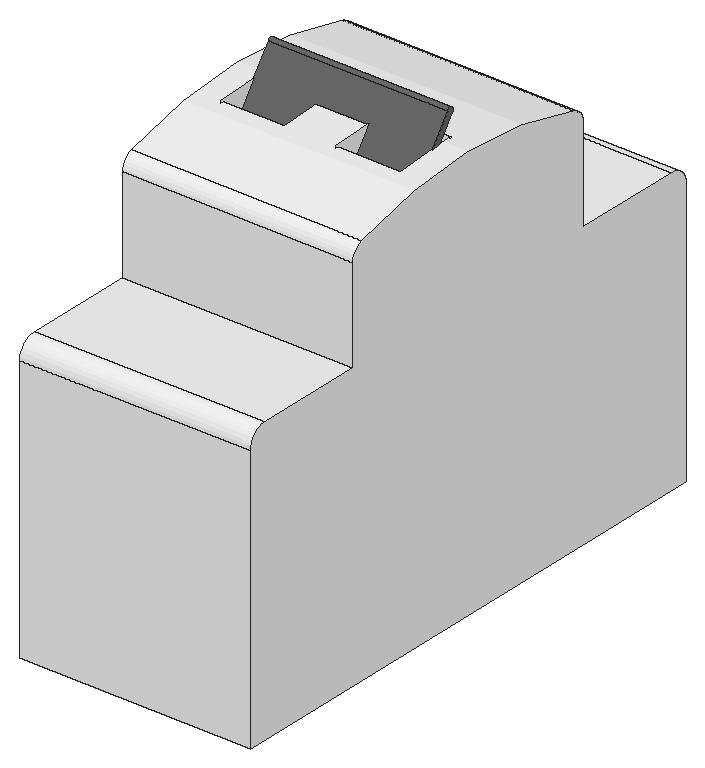
Revit family "Power-ModularDevices-GEWISS-90MCB-MT100_2P", category Apparecchi elettrici, host Superficie, Revit 2016
Family settings
  Host = Superficie
  Mantenere orientamento annotazione = Sì
  Tipo di parte = Normale
  Quota connettore circolare = Usa diametro
  Numero OmniClass = 23.80.30.14
  Titolo OmniClass = Power Distribution
  Taglio con vuoti quando caricato = No
  Condiviso = Sì
  Punto di calcolo locali = Sì
Parameters (values of type "GW92754 - MCB 2P D13 10KA 2M")
  Voltaggio = 230 V
  Vista di pianta [instance] = yes
  Version file RFA = "19.0"
  URL = "https://www.gewiss.com/ww/en"
  Type = "AC"
  Technical sheet = "https://www.gewiss.com/ww/en/search?q=GW92754"
  Stocking temperature = "-40 +70 °C"
  Standard; = "EN 60898, EN 60947-2"
  Standard = "EN 60898, EN 60947-2"
  Spessore = 150 mm
  Simbolo [instance] = yes
  Section rigid cable = "<=1x35 - <=2x16 - <=1x16+2x10 mm²"
  Section flexible cable = "<=1x35 - <=2x16 - <=1x16+2x10 mm²"
  SEO = "MCB"
  Realized by GEWISS S.p.A. = ""
  Rated voltage = "230-400V"
  Rated tightening torque = "2 Nm"
  Rated residual operating current = "30MA"
  Rated insulation voltage (Ui) = "500V"
  Rated impulse withstand voltage = "4KV"
  Rated frequency (Hz) = "50/60 Hz"
  Rated current: = "13A"
  Rated current (In) = "13A"
  Default Elevation = 1219.2 mm
  Produttore = "GEWISS S.p.A."
  Precision = "30 mA"
  Parti incassate = yes
  Operating temperature = "-25 +60 °C"
  Numero di poli_ = 2
  Number of poles = "2P"
  No. of poles = "2P"
  No. of modules EN 50022 = "2"
  No. modules = "2"
  Modello = "GW92754"
  Minimum operating voltage = "12V ac/dc"
  Mechanical endurance = "20.000"
  Maximum operating voltage = "440V AC / 220V DC"
  Level of immunity (8/20 Âµs) = "250A"
  Larghezza = 36 mm  # constant formula
  Label = "MT 100"
  Interuttore = GW - grigio scuro
  Insulation voltage = "500V"
  Immagine tipo = GW94006.jpg
  IFC.TypeObject = ""
  IFC.ExportType = ""
  IFC.ExportAs = ""
  IDT = "31c722a8-5080-4331-a803-fcf7328b02f0"
  IDF = "1192901e-7424-4489-baad-3a66a9d0fe16"
  Finitura = GW - grigio chiaro
  Electrocod = "1411"
  Electrical endurance = "10000"
  EAN code = "8011564225510"
  Distanza orizzontale del simbolo [instance] = 0 mm
  Distanza dal piano [instance] = 3 mm
  Distanza dal muro [instance] = 4.208 mm
  Descrizione = "MCB 2P D13 10KA 2M"
  Description = "MINIATURE CIRCUIT BREAKER"
  Curve = "D"
  Cornice simbolo [instance] = yes
  Catalogue Range = "90 MCB"
  Catalogue = "POWER"
  Carico apparente = 0 VA
  COBie.Tagnumber = ""
  COBie.CreatedOn = ""
  COBie.CreatebBy = ""
  COBie.ComponentRegisterItemID = ""
  COBie.Component.TagNumber = ""
  COBie.Component.Space = ""
  COBie.Component.SerialNumber = ""
  COBie.Component.InstallationDate = ""
  COBie.Component.Description = ""
  COBie.Component.BarCode = ""
  Breaking capacity EN 61009-1 (Ics) = "1 x Icn"
  Breaking capacity EN 60947-2 400V (Icu) = "20KA"
  Breaking capacity EN 60947-2 230V (Icu) = "30KA"
  Breaking capacity EN 60947-2 (Ics) = "50% Icu"
  Breaking capacity EN 60898 400V (Icn) = "10000A"
  Breaking capacity EN 60898 230V (Icn) = "10000A"
  Breaking capacity EN 60898 (Ics) = "0.75 x Icn"
  Breaking capacity (EN 60898) = "10000A"
  Altezza = 85 mm
Values of the unnamed type that differ from the named types
  Version file RFA = ""
  Type = ""
  Stocking temperature = ""
  Standard; = ""
  Standard = ""
  Section rigid cable = ""
  Section flexible cable = ""
  SEO = ""
  Rated voltage = ""
  Rated tightening torque = ""
  Rated residual operating current = ""
  Rated insulation voltage (Ui) = ""
  Rated impulse withstand voltage = ""
  Rated frequency (Hz) = ""
  Precision = ""
  Operating temperature = ""
  Number of poles = ""
  No. of poles = ""
  No. of modules EN 50022 = ""
  No. modules = ""
  Minimum operating voltage = ""
  Mechanical endurance = ""
  Maximum operating voltage = ""
  Level of immunity (8/20 Âµs) = ""
  Label = ""
  Insulation voltage = ""
  IDF = ""
  Electrocod = ""
  Electrical endurance = ""
  Description = ""
  Catalogue Range = ""
  Catalogue = ""
  Breaking capacity EN 61009-1 (Ics) = ""
  Breaking capacity EN 60947-2 (Ics) = ""
  Breaking capacity EN 60898 400V (Icn) = ""
  Breaking capacity EN 60898 230V (Icn) = ""
  Breaking capacity EN 60898 (Ics) = ""
  Breaking capacity (EN 60898) = ""
Reference planes
  plane 1 "Centro (Fronte/Retro)": y = 0
  plane 2: z = 0
  plane 3 "Centro (Sinistra/Destra)": x = 0
  plane 4: x = -18
  plane 5: x = 18
  plane 6: y = 42.5
  plane 7: y = -42.5
  plane 8: z = 60
  plane 9 "fori": z = -7
  plane 10: x = 4
  plane 11: x = -4
  plane 12 "scritta": z = 11.951
  plane 13: z = 76.771
  plane 14: y = -24.168
  plane 15: y = -19.765
  plane 16: x = -13.969
  plane 17: x = -5.87
  plane 18: x = 16.787
  plane 19: x = 8.031
  plane 20: z = -51.441
  plane 21: z = 1.622
  plane 22: z = 8.951
  plane 23: z = 14.352
  plane 24: through (0, -3.625, 76.111) normal (0, -0.809, 0.5878)
  plane 25: y = -8.226
  plane 26: y = 1.53
  plane 27: y = -22.5
  plane 28: y = 22.5
  plane 29: x = 14.016
  plane 30: z = 10.64
  plane 31: x = 0
  plane 32: z = -10
Forms (mm)
  Extrusion 1, solid, material "GW - grigio chiaro" <- "Finitura"
    sketch origin (0, 0, 15.559) x (0, 1, 0) y (0, 0, 1)
      loop
        line (39.866, -22.559) -> (22.5, -22.559) -> (22.5, -7.841)
        arc (22.5, -7.841) -> (21.957, -6.404) -> (20.702, -5.517) r 2.623
        arc (20.702, -5.517) -> (-0.001, -2.199) -> (-20.704, -5.517) r 66.237
        arc (-20.704, -5.517) -> (-21.952, -6.396) -> (-22.5, -7.82) r 2.623
        line (-22.5, -7.82) -> (-22.5, -22.559) -> (-39.676, -22.559)
        arc (-39.676, -22.559) -> (-41.673, -23.386) -> (-42.5, -25.383) r 2.824
        line (-42.5, -25.383) -> (-42.5, -67) -> (42.5, -67) -> (42.5, -25.193)
        arc (42.5, -25.193) -> (41.728, -23.33) -> (39.866, -22.559) r 2.634
    from -18 to 18
  Extrusion 2, void
    sketch origin (0, 0, 11.951) x (0, -1, 0) y (1, 0, 0)
      loop
        line (8.226, -13.969) -> (8.226, -4) -> (-1.53, -4) -> (-1.53, -13.969) -> (8.226, -13.969)
      loop
        line (8.226, 4) -> (8.226, 14.016) -> (-1.53, 14.016) -> (-1.53, 4) -> (8.226, 4)
    from -3 to 2.401
  Extrusion 3, solid, material "GW - grigio scuro" <- "Interuttore"
    sketch origin (0, 0, -67) x (0, 1, 0) y (0, 0, 1)
      loop
        line (-3.741, 75.951) -> (1.868, 83.671)
        arc (1.868, 83.671) -> (1.773, 84.475) -> (0.978, 84.317) r 0.552
        line (0.978, 84.317) -> (-5.101, 75.951) -> (-3.741, 75.951)
    from -13.969 to 14.016
  Extrusion 4, solid, material "GW - grigio scuro" <- "Interuttore", not visible
    sketch origin (-4.72, 0, 0) x (0, 1, 0) y (0, 0, 1)
      loop
        line (-3.741, 75.951) -> (1.868, 83.671)
        arc (1.868, 83.671) -> (1.773, 84.475) -> (0.978, 84.317) r 0.552
        line (0.978, 84.317) -> (-5.101, 75.951) -> (-3.741, 75.951)
    from -13.969 to 14.016
Cuts and joins
  Extrusion 2 cuts Extrusion 1
Lines and regions (mm)
  Masking region 1, visible <- "Vista di pianta"
    outline origin (0, 0, 0) x (1, 0, 0) y (0, 0, 1)
      loop
        line (-18, 14.352) -> (-18, -51.441) -> (18, -51.441) -> (18, 14.352) -> (-18, 14.352)
  Masking region 2
    outline origin (0, 0, 0) x (0, 1, 0) y (0, 0, 1)
      loop
        line (42.5, -51.441) -> (42.5, -9.634)
        arc (42.5, -9.634) -> (41.728, -7.772) -> (39.866, -7) r 2.634
        line (39.866, -7) -> (22.5, -7) -> (22.5, 7.718)
        arc (22.5, 7.718) -> (21.957, 9.155) -> (20.702, 10.041) r 2.623
        arc (20.702, 10.041) -> (-0.001, 13.36) -> (-20.704, 10.041) r 66.237
        arc (-20.704, 10.041) -> (-21.952, 9.163) -> (-22.5, 7.738) r 2.623
        line (-22.5, 7.738) -> (-22.5, -7) -> (-39.676, -7)
        arc (-39.676, -7) -> (-41.673, -7.827) -> (-42.5, -9.824) r 2.824
        line (-42.5, -9.824) -> (-42.5, -51.441) -> (42.5, -51.441)
  model lines, detail levels medium+fine
    curve 1: circle (9, 33.75, -7) r 2.5 normal (0, 0, -1)
    curve 2: circle (-9, 33.75, -7) r 2.5 normal (0, 0, -1)
    curve 277: circle (9, -33.75, -7) r 2.5 normal (0, 0, 1)
    curve 278: circle (-9, -33.75, -7) r 2.5 normal (0, 0, 1)
  symbolic lines, style "GW - SCRITTA", detail levels fine
    curve 3: arc (-15.165, -21.823, 11.951) -> (-17.595, -19.39, 11.951) -> (-15.161, -16.962, 11.951) r 2.43
    curve 4: arc (2.833, -21.823, 11.951) -> (4.397, -20.632, 11.951) -> (4.872, -18.725, 11.951) r 2.964
    curve 5: arc (2.546, -16.962, 11.951) -> (3.73, -17.451, 11.951) -> (4.69, -18.298, 11.951) r 3.884
    curve 6: line (-14.125, -18.725, 11.951) -> (-14.125, -21.823, 11.951)
    curve 7: line (-14.125, -16.962, 11.951) -> (-14.125, -18.298, 11.951)
    curve 8: line (-14.125, -18.298, 11.951) -> (-15.887, -18.298, 11.951)
    curve 9: line (-15.887, -18.298, 11.951) -> (-15.887, -20.487, 11.951)
    curve 10: line (-15.458, -20.487, 11.951) -> (-15.458, -18.725, 11.951)
    curve 11: line (-15.458, -18.725, 11.951) -> (-14.125, -18.725, 11.951)
    curve 12: line (-9.932, -21.823, 11.951) -> (-13.697, -21.823, 11.951)
    curve 13: line (-13.697, -21.823, 11.951) -> (-13.697, -16.962, 11.951)
    curve 14: line (-13.697, -16.962, 11.951) -> (-11.694, -16.962, 11.951)
    curve 15: line (-11.694, -16.962, 11.951) -> (-11.694, -18.297, 11.951)
    curve 16: line (-12.363, -18.724, 11.951) -> (-9.932, -18.724, 11.951)
    curve 17: line (-9.932, -18.724, 11.951) -> (-9.932, -20.06, 11.951)
    curve 18: line (-9.932, -20.06, 11.951) -> (-12.362, -20.06, 11.951)
    curve 19: line (-12.362, -20.487, 11.951) -> (-9.932, -20.487, 11.951)
    curve 20: line (-9.932, -20.487, 11.951) -> (-9.932, -21.823, 11.951)
    curve 21: line (-3.122, -21.823, 11.951) -> (-3.122, -18.725, 11.951)
    curve 22: line (-3.122, -18.725, 11.951) -> (-4.457, -18.725, 11.951)
    curve 23: line (-4.457, -18.725, 11.951) -> (-4.457, -21.823, 11.951)
    curve 24: line (-4.457, -21.823, 11.951) -> (-3.122, -21.823, 11.951)
    curve 25: line (-7.595, -21.823, 11.951) -> (-7.195, -19.82, 11.951)
    curve 26: line (-7.195, -19.82, 11.951) -> (-6.794, -21.823, 11.951)
    curve 27: line (-6.794, -21.823, 11.951) -> (-5.459, -21.823, 11.951)
    curve 28: line (-5.459, -21.823, 11.951) -> (-4.631, -18.298, 11.951)
    curve 29: line (-4.631, -18.298, 11.951) -> (-3.122, -18.298, 11.951)
    curve 30: line (-3.122, -18.298, 11.951) -> (-3.122, -16.962, 11.951)
    curve 31: line (-3.122, -16.962, 11.951) -> (-5.686, -16.962, 11.951)
    curve 32: line (-5.686, -16.962, 11.951) -> (-6.166, -19.018, 11.951)
    curve 33: line (-6.166, -19.018, 11.951) -> (-6.5, -16.962, 11.951)
    curve 34: line (-6.5, -16.962, 11.951) -> (-7.889, -16.962, 11.951)
    curve 35: line (-7.889, -16.962, 11.951) -> (-8.223, -19.018, 11.951)
    curve 36: line (-8.223, -19.018, 11.951) -> (-8.703, -16.962, 11.951)
    curve 37: line (-8.703, -16.962, 11.951) -> (-11.267, -16.962, 11.951)
    curve 38: line (-11.267, -16.962, 11.951) -> (-11.267, -18.298, 11.951)
    curve 39: line (-11.267, -18.298, 11.951) -> (-9.758, -18.298, 11.951)
    curve 40: line (-9.758, -18.298, 11.951) -> (-8.932, -21.823, 11.951)
    curve 41: line (-8.932, -21.823, 11.951) -> (-7.595, -21.823, 11.951)
    curve 42: line (1.071, -16.962, 11.951) -> (-2.695, -16.962, 11.951)
    curve 43: line (-2.695, -16.962, 11.951) -> (-2.695, -20.06, 11.951)
    curve 44: line (-2.695, -20.06, 11.951) -> (-0.265, -20.06, 11.951)
    curve 45: line (-0.265, -20.487, 11.951) -> (-2.695, -20.487, 11.951)
    curve 46: line (-2.695, -20.487, 11.951) -> (-2.695, -21.823, 11.951)
    curve 47: line (-2.695, -21.823, 11.951) -> (1.071, -21.823, 11.951)
    curve 48: line (1.071, -21.823, 11.951) -> (1.071, -18.725, 11.951)
    curve 49: line (1.071, -18.725, 11.951) -> (-1.359, -18.725, 11.951)
    curve 50: line (-1.359, -18.298, 11.951) -> (1.071, -18.298, 11.951)
    curve 51: line (1.071, -18.298, 11.951) -> (1.071, -16.962, 11.951)
    curve 52: line (1.498, -16.962, 11.951) -> (1.498, -20.06, 11.951)
    curve 53: line (1.498, -20.06, 11.951) -> (3.764, -20.06, 11.951)
    curve 54: line (3.764, -20.487, 11.951) -> (1.498, -20.487, 11.951)
    curve 55: line (1.498, -20.487, 11.951) -> (1.498, -21.823, 11.951)
    curve 56: line (1.498, -21.823, 11.951) -> (2.833, -21.823, 11.951)
    curve 129: line (-15.161, -16.962, 11.951) -> (-14.125, -16.962, 11.951)
    curve 130: line (-15.165, -21.823, 11.951) -> (-14.125, -21.823, 11.951)
    curve 131: line (-15.887, -20.487, 11.951) -> (-15.458, -20.487, 11.951)
    curve 132: line (-11.694, -18.297, 11.951) -> (-12.363, -18.297, 11.951)
    curve 133: line (-12.363, -18.724, 11.951) -> (-12.363, -18.297, 11.951)
    curve 134: line (-12.362, -20.487, 11.951) -> (-12.362, -20.06, 11.951)
    curve 135: line (-1.359, -18.725, 11.951) -> (-1.359, -18.298, 11.951)
    curve 136: line (-0.265, -20.06, 11.951) -> (-0.265, -20.487, 11.951)
    curve 137: line (1.498, -16.962, 11.951) -> (2.546, -16.962, 11.951)
  symbolic lines, style "PLANIMETRIA", detail levels fine
    curve 57: line (4.872, -18.725, 11.951) -> (2.833, -18.725, 11.951)
    curve 58: line (2.833, -18.298, 11.951) -> (4.69, -18.298, 11.951)
  symbolic lines, style "GW - SCRITTA"
    curve 59: line (-18, 22.5, 11.951) -> (18, 22.5, 11.951)
    curve 60: line (-18, -13.226, 11.951) -> (18, -13.226, 11.951)
    curve 68: line (-18, -8.226, 11.951) -> (18, -8.226, 11.951)
    curve 124: line (-18, 11.03, 11.951) -> (18, 11.03, 11.951)
  symbolic lines, style "GW - SCRITTA", detail levels medium+fine
    curve 61: line (-17.749, 1.53, 11.951) -> (17.796, 1.53, 11.951)
    curve 62: line (-13.969, -8.226, 11.951) -> (-13.969, 1.53, 11.951)
    curve 63: line (-3.984, -2.97, 11.951) -> (-13.969, -2.97, 11.951)
    curve 64: line (-3.984, -4.97, 11.951) -> (-13.969, -4.97, 11.951)
    curve 65: line (-3.984, 1.53, 11.951) -> (-3.984, -8.226, 11.951)
    curve 67: line (4.031, -8.226, 11.951) -> (4.031, 1.53, 11.951)
    curve 69: line (14.016, -2.97, 11.951) -> (4.031, -2.97, 11.951)
    curve 70: line (14.016, -4.97, 11.951) -> (4.031, -4.97, 11.951)
    curve 71: line (14.016, 1.53, 11.951) -> (14.016, -8.226, 11.951)
  symbolic lines, style "PLANIMETRIA"
    curve 66: line (-18, -22.5, 11.951) -> (18, -22.5, 11.951)
    curve 126: line (-18, 22.5, 11.951) -> (-18, -22.5, 11.951)
    curve 127: line (18, -22.5, 11.951) -> (18, 22.5, 11.951)
  symbolic lines, style "GW - SCRITTA", visible <- "Parti incassate"
    curve 72: line (18, -42.5, 11.951) -> (18, -22.5, 11.951)
    curve 73: line (18, 42.5, 11.951) -> (-18, 42.5, 11.951)
    curve 74: line (-18, 42.5, 11.951) -> (-18, 22.5, 11.951)
    curve 75: line (-18, -42.5, 11.951) -> (18, -42.5, 11.951)
    curve 125: line (18, 22.5, 11.951) -> (18, 42.5, 11.951)
    curve 128: line (-18, -22.5, 11.951) -> (-18, -42.5, 11.951)
  symbolic lines, style "GW - SCRITTA", visible <- "Parti incassate", detail levels fine
    curve 76: line (-9, 31.163, 11.951) -> (-10.293, 31.51, 11.951)
    curve 77: line (-10.293, 31.51, 11.951) -> (-11.24, 32.457, 11.951)
    curve 78: line (-11.24, 32.457, 11.951) -> (-11.587, 33.75, 11.951)
    curve 79: line (-11.587, 33.75, 11.951) -> (-11.24, 35.043, 11.951)
    curve 80: line (-11.24, 35.043, 11.951) -> (-10.293, 35.99, 11.951)
    curve 81: line (-10.293, 35.99, 11.951) -> (-9, 36.337, 11.951)
    curve 82: line (-9, 36.337, 11.951) -> (-7.707, 35.99, 11.951)
    curve 83: line (-7.707, 35.99, 11.951) -> (-6.76, 35.043, 11.951)
    curve 84: line (-6.76, 35.043, 11.951) -> (-6.413, 33.75, 11.951)
    curve 85: line (-6.413, 33.75, 11.951) -> (-6.76, 32.457, 11.951)
    curve 86: line (-6.76, 32.457, 11.951) -> (-7.707, 31.51, 11.951)
    curve 87: line (-7.707, 31.51, 11.951) -> (-9, 31.163, 11.951)
    curve 88: line (-9, -36.337, 11.951) -> (-10.293, -35.99, 11.951)
    curve 89: line (-10.293, -35.99, 11.951) -> (-11.24, -35.043, 11.951)
    curve 90: line (-11.24, -35.043, 11.951) -> (-11.587, -33.75, 11.951)
    curve 91: line (-11.587, -33.75, 11.951) -> (-11.24, -32.457, 11.951)
    curve 92: line (-11.24, -32.457, 11.951) -> (-10.293, -31.51, 11.951)
    curve 93: line (-10.293, -31.51, 11.951) -> (-9, -31.163, 11.951)
    curve 94: line (-9, -31.163, 11.951) -> (-7.707, -31.51, 11.951)
    curve 95: line (-7.707, -31.51, 11.951) -> (-6.76, -32.457, 11.951)
    curve 96: line (-6.76, -32.457, 11.951) -> (-6.413, -33.75, 11.951)
    curve 97: line (-6.413, -33.75, 11.951) -> (-6.76, -35.043, 11.951)
    curve 98: line (-6.76, -35.043, 11.951) -> (-7.707, -35.99, 11.951)
    curve 99: line (-7.707, -35.99, 11.951) -> (-9, -36.337, 11.951)
    curve 100: line (9, 31.163, 11.951) -> (10.293, 31.51, 11.951)
    curve 101: line (10.293, 31.51, 11.951) -> (11.24, 32.457, 11.951)
    curve 102: line (11.24, 32.457, 11.951) -> (11.587, 33.75, 11.951)
    curve 103: line (11.587, 33.75, 11.951) -> (11.24, 35.043, 11.951)
    curve 104: line (11.24, 35.043, 11.951) -> (10.293, 35.99, 11.951)
    curve 105: line (10.293, 35.99, 11.951) -> (9, 36.337, 11.951)
    curve 106: line (9, 36.337, 11.951) -> (7.707, 35.99, 11.951)
    curve 107: line (7.707, 35.99, 11.951) -> (6.76, 35.043, 11.951)
    curve 108: line (6.76, 35.043, 11.951) -> (6.413, 33.75, 11.951)
    curve 109: line (6.413, 33.75, 11.951) -> (6.76, 32.457, 11.951)
    curve 110: line (6.76, 32.457, 11.951) -> (7.707, 31.51, 11.951)
    curve 111: line (7.707, 31.51, 11.951) -> (9, 31.163, 11.951)
    curve 112: line (9, -36.337, 11.951) -> (10.293, -35.99, 11.951)
    curve 113: line (10.293, -35.99, 11.951) -> (11.24, -35.043, 11.951)
    curve 114: line (11.24, -35.043, 11.951) -> (11.587, -33.75, 11.951)
    curve 115: line (11.587, -33.75, 11.951) -> (11.24, -32.457, 11.951)
    curve 116: line (11.24, -32.457, 11.951) -> (10.293, -31.51, 11.951)
    curve 117: line (10.293, -31.51, 11.951) -> (9, -31.163, 11.951)
    curve 118: line (9, -31.163, 11.951) -> (7.707, -31.51, 11.951)
    curve 119: line (7.707, -31.51, 11.951) -> (6.76, -32.457, 11.951)
    curve 120: line (6.76, -32.457, 11.951) -> (6.413, -33.75, 11.951)
    curve 121: line (6.413, -33.75, 11.951) -> (6.76, -35.043, 11.951)
    curve 122: line (6.76, -35.043, 11.951) -> (7.707, -35.99, 11.951)
    curve 123: line (7.707, -35.99, 11.951) -> (9, -36.337, 11.951)
  symbolic lines, style "InvisibleLines", detail levels fine
    curve 138: line (2.833, -18.298, 11.951) -> (2.833, -18.725, 11.951)
    curve 139: line (3.764, -20.06, 11.951) -> (3.764, -20.487, 11.951)
  symbolic lines, style "GW - SCRITTA", not visible, detail levels fine
    curve 140: arc (84.635, 64.706, 11.951) -> (82.205, 67.138, 11.951) -> (84.639, 69.566, 11.951) r 2.43
    curve 141: arc (102.633, 64.706, 11.951) -> (104.197, 65.897, 11.951) -> (104.672, 67.804, 11.951) r 2.964
    curve 142: arc (102.346, 69.566, 11.951) -> (103.53, 69.078, 11.951) -> (104.49, 68.231, 11.951) r 3.884
    curve 143: line (85.675, 67.804, 11.951) -> (85.675, 64.706, 11.951)
    curve 144: line (85.675, 69.566, 11.951) -> (85.675, 68.231, 11.951)
    curve 145: line (85.675, 68.231, 11.951) -> (83.913, 68.231, 11.951)
    curve 146: line (83.913, 68.231, 11.951) -> (83.913, 66.041, 11.951)
    curve 147: line (84.342, 66.041, 11.951) -> (84.342, 67.804, 11.951)
    curve 148: line (84.342, 67.804, 11.951) -> (85.675, 67.804, 11.951)
    curve 149: line (89.868, 64.706, 11.951) -> (86.103, 64.706, 11.951)
    curve 150: line (86.103, 64.706, 11.951) -> (86.103, 69.566, 11.951)
    curve 151: line (86.103, 69.566, 11.951) -> (88.106, 69.566, 11.951)
    curve 152: line (88.106, 69.566, 11.951) -> (88.106, 68.231, 11.951)
    curve 153: line (87.437, 67.804, 11.951) -> (89.868, 67.804, 11.951)
    curve 154: line (89.868, 67.804, 11.951) -> (89.868, 66.468, 11.951)
    curve 155: line (89.868, 66.468, 11.951) -> (87.438, 66.468, 11.951)
    curve 156: line (87.438, 66.041, 11.951) -> (89.868, 66.041, 11.951)
    curve 157: line (89.868, 66.041, 11.951) -> (89.868, 64.706, 11.951)
    curve 158: line (96.678, 64.706, 11.951) -> (96.678, 67.804, 11.951)
    curve 159: line (96.678, 67.804, 11.951) -> (95.343, 67.804, 11.951)
    curve 160: line (95.343, 67.804, 11.951) -> (95.343, 64.706, 11.951)
    curve 161: line (95.343, 64.706, 11.951) -> (96.678, 64.706, 11.951)
    curve 162: line (92.205, 64.706, 11.951) -> (92.605, 66.709, 11.951)
    curve 163: line (92.605, 66.709, 11.951) -> (93.006, 64.706, 11.951)
    curve 164: line (93.006, 64.706, 11.951) -> (94.341, 64.706, 11.951)
    curve 165: line (94.341, 64.706, 11.951) -> (95.169, 68.231, 11.951)
    curve 166: line (95.169, 68.231, 11.951) -> (96.678, 68.231, 11.951)
    curve 167: line (96.678, 68.231, 11.951) -> (96.678, 69.566, 11.951)
    curve 168: line (96.678, 69.566, 11.951) -> (94.114, 69.566, 11.951)
    curve 169: line (94.114, 69.566, 11.951) -> (93.634, 67.51, 11.951)
    curve 170: line (93.634, 67.51, 11.951) -> (93.3, 69.566, 11.951)
    curve 171: line (93.3, 69.566, 11.951) -> (91.911, 69.566, 11.951)
    curve 172: line (91.911, 69.566, 11.951) -> (91.577, 67.51, 11.951)
    curve 173: line (91.577, 67.51, 11.951) -> (91.097, 69.566, 11.951)
    curve 174: line (91.097, 69.566, 11.951) -> (88.533, 69.566, 11.951)
    curve 175: line (88.533, 69.566, 11.951) -> (88.533, 68.231, 11.951)
    curve 176: line (88.533, 68.231, 11.951) -> (90.042, 68.231, 11.951)
    curve 177: line (90.042, 68.231, 11.951) -> (90.868, 64.706, 11.951)
    curve 178: line (90.868, 64.706, 11.951) -> (92.205, 64.706, 11.951)
    curve 179: line (100.871, 69.566, 11.951) -> (97.105, 69.566, 11.951)
    curve 180: line (97.105, 69.566, 11.951) -> (97.105, 66.469, 11.951)
    curve 181: line (97.105, 66.469, 11.951) -> (99.535, 66.469, 11.951)
    curve 182: line (99.535, 66.041, 11.951) -> (97.105, 66.041, 11.951)
    curve 183: line (97.105, 66.041, 11.951) -> (97.105, 64.706, 11.951)
    curve 184: line (97.105, 64.706, 11.951) -> (100.871, 64.706, 11.951)
    curve 185: line (100.871, 64.706, 11.951) -> (100.871, 67.804, 11.951)
    curve 186: line (100.871, 67.804, 11.951) -> (98.441, 67.804, 11.951)
    curve 187: line (98.441, 68.231, 11.951) -> (100.871, 68.231, 11.951)
    curve 188: line (100.871, 68.231, 11.951) -> (100.871, 69.566, 11.951)
    curve 189: line (101.298, 69.566, 11.951) -> (101.298, 66.469, 11.951)
    curve 190: line (101.298, 66.469, 11.951) -> (103.564, 66.469, 11.951)
    curve 191: line (103.564, 66.041, 11.951) -> (101.298, 66.041, 11.951)
    curve 192: line (101.298, 66.041, 11.951) -> (101.298, 64.706, 11.951)
    curve 193: line (101.298, 64.706, 11.951) -> (102.633, 64.706, 11.951)
    curve 266: line (84.639, 69.566, 11.951) -> (85.675, 69.566, 11.951)
    curve 267: line (84.635, 64.706, 11.951) -> (85.675, 64.706, 11.951)
    curve 268: line (83.913, 66.041, 11.951) -> (84.342, 66.041, 11.951)
    curve 269: line (88.106, 68.231, 11.951) -> (87.437, 68.231, 11.951)
    curve 270: line (87.437, 67.804, 11.951) -> (87.437, 68.231, 11.951)
    curve 271: line (87.438, 66.041, 11.951) -> (87.438, 66.468, 11.951)
    curve 272: line (98.441, 67.804, 11.951) -> (98.441, 68.231, 11.951)
    curve 273: line (99.535, 66.469, 11.951) -> (99.535, 66.041, 11.951)
    curve 274: line (101.298, 69.566, 11.951) -> (102.346, 69.566, 11.951)
  symbolic lines, style "PLANIMETRIA", not visible, detail levels fine
    curve 194: line (104.672, 67.804, 11.951) -> (102.633, 67.804, 11.951)
    curve 195: line (102.633, 68.231, 11.951) -> (104.49, 68.231, 11.951)
  symbolic lines, style "GW - SCRITTA", not visible
    curve 196: line (81.8, 109.029, 11.951) -> (117.8, 109.029, 11.951)
    curve 197: line (81.8, 73.303, 11.951) -> (117.8, 73.303, 11.951)
    curve 205: line (81.8, 78.303, 11.951) -> (117.8, 78.303, 11.951)
    curve 261: line (81.8, 97.558, 11.951) -> (117.8, 97.558, 11.951)
  symbolic lines, style "GW - SCRITTA", not visible, detail levels medium+fine
    curve 198: line (82.051, 88.058, 11.951) -> (117.596, 88.058, 11.951)
    curve 199: line (85.832, 78.303, 11.951) -> (85.832, 88.058, 11.951)
    curve 200: line (95.816, 83.558, 11.951) -> (85.832, 83.558, 11.951)
    curve 201: line (95.816, 81.558, 11.951) -> (85.832, 81.558, 11.951)
    curve 202: line (95.816, 88.058, 11.951) -> (95.816, 78.303, 11.951)
    curve 204: line (103.832, 78.303, 11.951) -> (103.832, 88.058, 11.951)
    curve 206: line (113.816, 83.558, 11.951) -> (103.832, 83.558, 11.951)
    curve 207: line (113.816, 81.558, 11.951) -> (103.832, 81.558, 11.951)
    curve 208: line (113.816, 88.058, 11.951) -> (113.816, 78.303, 11.951)
  symbolic lines, style "PLANIMETRIA", not visible
    curve 203: line (81.8, 64.029, 11.951) -> (117.8, 64.029, 11.951)
    curve 263: line (81.8, 109.029, 11.951) -> (81.8, 64.029, 11.951)
    curve 264: line (117.8, 64.029, 11.951) -> (117.8, 109.029, 11.951)
  symbolic lines, style "GW - SCRITTA", visible <- "Parti incassate", not visible
    curve 209: line (117.8, 44.029, 11.951) -> (117.8, 64.029, 11.951)
    curve 210: line (117.8, 129.029, 11.951) -> (81.8, 129.029, 11.951)
    curve 211: line (81.8, 129.029, 11.951) -> (81.8, 109.029, 11.951)
    curve 212: line (81.8, 44.029, 11.951) -> (117.8, 44.029, 11.951)
    curve 262: line (117.8, 109.029, 11.951) -> (117.8, 129.029, 11.951)
    curve 265: line (81.8, 64.029, 11.951) -> (81.8, 44.029, 11.951)
  symbolic lines, style "GW - SCRITTA", visible <- "Parti incassate", not visible, detail levels fine
    curve 213: line (90.8, 117.692, 11.951) -> (89.507, 118.038, 11.951)
    curve 214: line (89.507, 118.038, 11.951) -> (88.56, 118.985, 11.951)
    curve 215: line (88.56, 118.985, 11.951) -> (88.213, 120.279, 11.951)
    curve 216: line (88.213, 120.279, 11.951) -> (88.56, 121.572, 11.951)
    curve 217: line (88.56, 121.572, 11.951) -> (89.507, 122.519, 11.951)
    curve 218: line (89.507, 122.519, 11.951) -> (90.8, 122.865, 11.951)
    curve 219: line (90.8, 122.865, 11.951) -> (92.093, 122.519, 11.951)
    curve 220: line (92.093, 122.519, 11.951) -> (93.04, 121.572, 11.951)
    curve 221: line (93.04, 121.572, 11.951) -> (93.387, 120.279, 11.951)
    curve 222: line (93.387, 120.279, 11.951) -> (93.04, 118.985, 11.951)
    curve 223: line (93.04, 118.985, 11.951) -> (92.093, 118.038, 11.951)
    curve 224: line (92.093, 118.038, 11.951) -> (90.8, 117.692, 11.951)
    curve 225: line (90.8, 50.192, 11.951) -> (89.507, 50.538, 11.951)
    curve 226: line (89.507, 50.538, 11.951) -> (88.56, 51.485, 11.951)
    curve 227: line (88.56, 51.485, 11.951) -> (88.213, 52.779, 11.951)
    curve 228: line (88.213, 52.779, 11.951) -> (88.56, 54.072, 11.951)
    curve 229: line (88.56, 54.072, 11.951) -> (89.507, 55.019, 11.951)
    curve 230: line (89.507, 55.019, 11.951) -> (90.8, 55.365, 11.951)
    curve 231: line (90.8, 55.365, 11.951) -> (92.093, 55.019, 11.951)
    curve 232: line (92.093, 55.019, 11.951) -> (93.04, 54.072, 11.951)
    curve 233: line (93.04, 54.072, 11.951) -> (93.387, 52.779, 11.951)
    curve 234: line (93.387, 52.779, 11.951) -> (93.04, 51.485, 11.951)
    curve 235: line (93.04, 51.485, 11.951) -> (92.093, 50.538, 11.951)
    curve 236: line (92.093, 50.538, 11.951) -> (90.8, 50.192, 11.951)
    curve 237: line (108.8, 117.692, 11.951) -> (110.093, 118.038, 11.951)
    curve 238: line (110.093, 118.038, 11.951) -> (111.04, 118.985, 11.951)
    curve 239: line (111.04, 118.985, 11.951) -> (111.387, 120.279, 11.951)
    curve 240: line (111.387, 120.279, 11.951) -> (111.04, 121.572, 11.951)
    curve 241: line (111.04, 121.572, 11.951) -> (110.093, 122.519, 11.951)
    curve 242: line (110.093, 122.519, 11.951) -> (108.8, 122.865, 11.951)
    curve 243: line (108.8, 122.865, 11.951) -> (107.507, 122.519, 11.951)
    curve 244: line (107.507, 122.519, 11.951) -> (106.56, 121.572, 11.951)
    curve 245: line (106.56, 121.572, 11.951) -> (106.213, 120.279, 11.951)
    curve 246: line (106.213, 120.279, 11.951) -> (106.56, 118.985, 11.951)
    curve 247: line (106.56, 118.985, 11.951) -> (107.507, 118.038, 11.951)
    curve 248: line (107.507, 118.038, 11.951) -> (108.8, 117.692, 11.951)
    curve 249: line (108.8, 50.192, 11.951) -> (110.093, 50.538, 11.951)
    curve 250: line (110.093, 50.538, 11.951) -> (111.04, 51.485, 11.951)
    curve 251: line (111.04, 51.485, 11.951) -> (111.387, 52.779, 11.951)
    curve 252: line (111.387, 52.779, 11.951) -> (111.04, 54.072, 11.951)
    curve 253: line (111.04, 54.072, 11.951) -> (110.093, 55.019, 11.951)
    curve 254: line (110.093, 55.019, 11.951) -> (108.8, 55.365, 11.951)
    curve 255: line (108.8, 55.365, 11.951) -> (107.507, 55.019, 11.951)
    curve 256: line (107.507, 55.019, 11.951) -> (106.56, 54.072, 11.951)
    curve 257: line (106.56, 54.072, 11.951) -> (106.213, 52.779, 11.951)
    curve 258: line (106.213, 52.779, 11.951) -> (106.56, 51.485, 11.951)
    curve 259: line (106.56, 51.485, 11.951) -> (107.507, 50.538, 11.951)
    curve 260: line (107.507, 50.538, 11.951) -> (108.8, 50.192, 11.951)
  symbolic lines, style "InvisibleLines", not visible, detail levels fine
    curve 275: line (102.633, 68.231, 11.951) -> (102.633, 67.804, 11.951)
    curve 276: line (103.564, 66.469, 11.951) -> (103.564, 66.041, 11.951)
  model lines, not visible, detail levels medium+fine
    curve 279: circle (9, 33.75, 60) r 2.5 normal (0, 0, -1)
    curve 280: circle (-9, 33.75, 60) r 2.5 normal (0, 0, -1)
Dimensions and locks
  equal spacing: plane 6, plane 1 "Centro (Fronte/Retro)", plane 7
  equal spacing: plane 4, plane 3 "Centro (Sinistra/Destra)", plane 5
  "Larghezza": plane 4 to plane 5
  "Altezza": plane 6 to plane 7
  plane 7 to plane 6 = 85 mm
  locked: plane 20 to plane 9 "fori" at 44.441
  "Distanza dal piano": plane 9 "fori" to plane 32
  locked: plane 9 "fori" to plane 21 at 8.622
  locked: plane 22 to plane 21 at 7.329
  locked: plane 23 to plane 22 at 5.401
  locked: plane 12 "scritta" to plane 22 at 3
  locked: plane 1 "Centro (Fronte/Retro)" to plane 26 at 1.53
  locked: plane 25 to plane 1 "Centro (Fronte/Retro)" at 8.226
  plane 3 "Centro (Sinistra/Destra)" to Extrusion 2 = 4 mm
  locked: plane 28 to plane 27 at 45
  plane 27 to plane 28 = 45 mm
  locked: plane 12 "scritta" to plane 30 at 1.31
  "Distanza orizzontale del simbolo": plane 3 "Centro (Sinistra/Destra)" to plane 31
  locked: plane 2 to plane 32 at 10
  aligned and locked: plane 2 to host face
  aligned and locked: level to host face
  aligned and locked: Extrusion 1 to plane 4
  aligned and locked: plane 5 to Extrusion 1
  aligned and locked: Extrusion 1 to plane 9 "fori"  (x2)
  aligned and locked: plane 20 to Extrusion 1
  aligned and locked: Extrusion 2 sketch curve to plane 25  (x2)
  aligned and locked: plane 16 to Extrusion 2 sketch curve
  aligned and locked: plane 26 to Extrusion 2 sketch curve  (x2)
  aligned and locked: Extrusion 2 to plane 22
  aligned and locked: plane 23 to Extrusion 2
  aligned and locked: Extrusion 3 to plane 22
  aligned and locked: curve 126 to plane 4
  aligned and locked: Masking region 1 sketch curve to plane 23
  aligned and locked: plane 4 to Masking region 1 sketch curve
  aligned and locked: Masking region 1 sketch curve to cut or joined group of Extrusion 1, Extrusion 2  (x2)
  aligned and locked: plane 28 to curve 59
  aligned and locked: Extrusion 1 sketch curve to plane 27
  aligned and locked: plane 28 to Extrusion 1 sketch curve
  aligned and locked: Masking region 2 sketch curve to cut or joined group of Extrusion 1, Extrusion 2  (x8)
  aligned and locked: plane 16 to curve 62
  aligned and locked: Extrusion 3 to plane 16
  aligned and locked: plane 29 to curve 71
  aligned and locked: Extrusion 3 to curve 69
  aligned and locked: plane 11 to Extrusion 2 sketch curve
  aligned and locked: Extrusion 2 sketch curve to plane 10
  aligned and locked: Extrusion 2 sketch curve to plane 29
  aligned and locked: plane 31 to nested 1
  aligned and locked: curve 1 to plane 9 "fori"
Automatic sketch dimensions
  host sketch curve to host sketch curve = 2438.4 mm  (x2)
  Extrusion 1 sketch curve to plane 7 = 0 mm
  plane 9 "fori" to Extrusion 1 sketch curve = 0 mm  (x2)
  Extrusion 1 sketch curve to plane 6 = 0 mm
  plane 20 to Extrusion 1 sketch curve = 0 mm
  plane 7 to Extrusion 1 sketch curve = 2.824 mm
  Extrusion 1 sketch curve to plane 15 = 0.119 mm
  plane 1 "Centro (Fronte/Retro)" to Extrusion 1 sketch curve = 0.001 mm
  plane 21 to Extrusion 1 sketch curve = 5.928 mm  (x2)
  Extrusion 1 sketch curve to Extrusion 1 sketch curve = 2.617 mm
  Extrusion 1 sketch curve to Extrusion 1 sketch curve = 2.634 mm
  plane 20 to Extrusion 1 sketch curve = 1.436 mm
  Extrusion 1 sketch curve to Extrusion 1 sketch curve = 0.168 mm
  Extrusion 1 sketch curve to Extrusion 1 sketch curve = 0.188 mm
  Extrusion 1 sketch curve to Extrusion 1 sketch curve = 0 mm
  Extrusion 3 sketch curve to Extrusion 3 sketch curve = 1.36 mm
  Extrusion 3 sketch curve to Extrusion 3 sketch curve = 0.47 mm
  Extrusion 3 sketch curve to Extrusion 3 sketch curve = 0.358 mm
  Extrusion 3 sketch curve to Extrusion 3 sketch curve = 4.719 mm
  Extrusion 3 sketch curve to Extrusion 3 sketch curve = 0.419 mm
  Extrusion 3 sketch curve to Extrusion 3 sketch curve = 7.72 mm
  Extrusion 4 sketch curve to Extrusion 4 sketch curve = 1.36 mm
  Extrusion 4 sketch curve to Extrusion 4 sketch curve = 0.47 mm
  Extrusion 4 sketch curve to Extrusion 4 sketch curve = 0.358 mm
  Extrusion 4 sketch curve to Extrusion 4 sketch curve = 4.719 mm
  Extrusion 4 sketch curve to Extrusion 4 sketch curve = 0.419 mm
  Extrusion 4 sketch curve to Extrusion 4 sketch curve = 7.72 mm
  plane 7 to Masking region 2 sketch curve = 2.824 mm
  Masking region 2 sketch curve to plane 15 = 0.119 mm
  Masking region 2 sketch curve to plane 28 = 2.617 mm
  Masking region 2 sketch curve to Masking region 2 sketch curve = 2.634 mm
  Masking region 2 sketch curve to plane 22 = 1.401 mm
  Masking region 2 sketch curve to plane 22 = 1.233 mm
  Masking region 2 sketch curve to plane 22 = 1.212 mm
  Masking region 2 sketch curve to Masking region 2 sketch curve = 0 mm
  plane 7 to curve 278 = 8.75 mm
  curve 277 to plane 19 = 0.969 mm
  plane 7 to curve 277 = 8.75 mm
  curve 278 to plane 17 = 3.13 mm
  curve 73 to curve 105 = 6.163 mm
  curve 73 to curve 82 = 6.163 mm
  curve 105 to curve 104 = 0.347 mm
  curve 81 to curve 82 = 0.347 mm
  curve 81 to curve 81 = 0.347 mm
  curve 105 to curve 106 = 0.347 mm
  curve 80 to curve 79 = 0.947 mm
  curve 82 to curve 84 = 0.947 mm
  curve 104 to curve 103 = 0.947 mm
  curve 106 to curve 107 = 0.947 mm
  curve 83 to curve 84 = 1.293 mm
  curve 107 to curve 109 = 1.293 mm
  curve 79 to curve 78 = 1.293 mm
  curve 103 to curve 102 = 1.293 mm
  curve 102 to curve 102 = 1.293 mm
  curve 78 to curve 78 = 1.293 mm
  curve 108 to curve 109 = 1.293 mm
  curve 84 to curve 86 = 1.293 mm
  curve 85 to curve 86 = 0.947 mm
  curve 109 to curve 111 = 0.947 mm
  curve 77 to curve 76 = 0.947 mm  (x2)
  curve 101 to curve 100 = 0.947 mm
  curve 100 to curve 100 = 0.347 mm
  curve 86 to curve 76 = 0.347 mm
  curve 100 to curve 59 = 9.01 mm
  curve 65 to curve 32 = 18.492 mm
  curve 30 to curve 137 = 0 mm
  curve 30 to curve 43 = 0 mm
  curve 129 to curve 31 = 0 mm
  curve 7 to curve 38 = 0 mm
  curve 7 to curve 13 = 0 mm
  curve 36 to curve 35 = 0 mm
  curve 14 to curve 133 = 1.335 mm
  curve 5 to curve 58 = 1.335 mm
  curve 30 to curve 29 = 1.335 mm
  curve 36 to curve 39 = 1.335 mm
  curve 7 to curve 7 = 1.335 mm
  curve 29 to curve 135 = 0 mm
  curve 39 to curve 16 = 0.427 mm
  curve 58 to curve 138 = 0.427 mm
  curve 28 to curve 22 = 0.427 mm
  curve 50 to curve 135 = 0.427 mm
  curve 7 to curve 6 = 0.428 mm
  curve 48 to curve 4 = 0.278 mm
  curve 28 to curve 33 = 0.721 mm
  curve 39 to curve 35 = 0.721 mm
  curve 10 to curve 3 = 0.667 mm
  curve 35 to curve 26 = 0.801 mm
  curve 57 to curve 139 = 1.335 mm
  curve 21 to curve 43 = 1.335 mm
  curve 16 to curve 17 = 1.336 mm
  curve 44 to curve 136 = 0.427 mm
  curve 52 to curve 55 = 0.427 mm
  curve 18 to curve 134 = 0.427 mm
  curve 3 to curve 9 = 1.095 mm
  curve 54 to curve 5 = 0.26 mm
  curve 10 to curve 130 = 1.335 mm
  curve 5 to curve 47 = 1.075 mm
  curve 47 to curve 55 = 0 mm
  curve 6 to curve 13 = 0 mm
  curve 26 to curve 41 = 2.003 mm
  curve 25 to curve 28 = 0 mm
  curve 24 to curve 46 = 0 mm
  curve 40 to curve 93 = 9.341 mm
  curve 117 to curve 116 = 0.347 mm
  curve 93 to curve 95 = 0.347 mm
  curve 93 to curve 92 = 0.347 mm
  curve 118 to curve 118 = 0.347 mm
  curve 92 to curve 91 = 0.947 mm
  curve 118 to curve 119 = 0.947 mm
  curve 116 to curve 116 = 0.947 mm
  curve 94 to curve 95 = 0.947 mm  (x2)
  curve 115 to curve 115 = 1.293 mm
  curve 91 to curve 90 = 1.293 mm
  curve 119 to curve 121 = 1.293 mm
  curve 95 to curve 97 = 1.293 mm
  curve 97 to curve 97 = 1.293 mm
  curve 90 to curve 89 = 1.293 mm
  curve 114 to curve 113 = 1.293 mm
  curve 121 to curve 121 = 1.293 mm
  curve 97 to curve 99 = 0.947 mm
  curve 121 to curve 123 = 0.947 mm  (x2)
  curve 113 to curve 113 = 0.947 mm
  curve 89 to curve 88 = 0.947 mm  (x2)
  curve 98 to curve 88 = 0.347 mm
  curve 112 to curve 123 = 0.347 mm
  curve 89 to curve 128 = 7.457 mm
  curve 124 to curve 61 = 0.251 mm
  curve 66 to curve 8 = 2.113 mm
  curve 8 to curve 11 = 0.429 mm
  curve 10 to curve 3 = 0.293 mm
  curve 3 to curve 11 = 1.04 mm
  curve 129 to curve 7 = 1.036 mm
  curve 6 to curve 12 = 0.427 mm
  curve 6 to curve 16 = 1.762 mm
  curve 16 to curve 134 = 0.001 mm
  curve 132 to curve 14 = 0.669 mm
  curve 73 to curve 79 = 6.413 mm
  curve 75 to curve 90 = 6.413 mm
  curve 14 to curve 37 = 0.427 mm
  curve 91 to curve 91 = 0.347 mm
  curve 78 to curve 80 = 0.347 mm
  curve 90 to curve 90 = 0.347 mm
  curve 78 to curve 78 = 0.347 mm
  curve 91 to curve 93 = 0.947 mm
  curve 79 to curve 80 = 0.947 mm
  curve 38 to curve 17 = 1.335 mm
  curve 17 to curve 20 = 0 mm
  curve 16 to curve 39 = 0.174 mm
  curve 88 to curve 88 = 1.293 mm
  curve 76 to curve 87 = 1.293 mm
  curve 80 to curve 81 = 1.293 mm
  curve 92 to curve 93 = 1.293 mm
  curve 12 to curve 41 = 1 mm
  curve 39 to curve 36 = 1.055 mm
  curve 39 to curve 35 = 1.536 mm
  curve 36 to curve 34 = 0.815 mm
  curve 93 to curve 95 = 1.293 mm
  curve 88 to curve 98 = 1.293 mm
  curve 76 to curve 86 = 1.293 mm
  curve 81 to curve 82 = 1.293 mm
  curve 40 to curve 41 = 1.337 mm
  curve 35 to curve 25 = 1.028 mm
  curve 25 to curve 26 = 0.801 mm
  curve 98 to curve 97 = 0.947 mm
  curve 82 to curve 83 = 0.947 mm
  curve 86 to curve 86 = 0.947 mm
  curve 34 to curve 34 = 1.389 mm
  curve 97 to curve 97 = 0.347 mm
  curve 85 to curve 84 = 0.347 mm
  curve 25 to curve 33 = 1.028 mm
  curve 33 to curve 31 = 0.815 mm
  curve 26 to curve 27 = 1.335 mm
  curve 32 to curve 28 = 1.536 mm
  curve 28 to curve 22 = 0.174 mm
  curve 23 to curve 21 = 1.335 mm
  curve 30 to curve 21 = 0 mm
  curve 30 to curve 42 = 0.427 mm
  curve 46 to curve 43 = 0 mm
  curve 21 to curve 49 = 1.763 mm
  curve 49 to curve 136 = 1.095 mm
  curve 45 to curve 47 = 1.335 mm
  curve 50 to curve 48 = 0 mm
  curve 47 to curve 56 = 0.427 mm
  curve 42 to curve 52 = 0.427 mm
  curve 54 to curve 5 = 0.179 mm
  curve 48 to curve 4 = 0.851 mm
  curve 52 to curve 137 = 1.048 mm
  curve 4 to curve 138 = 0.911 mm
  curve 55 to curve 56 = 1.335 mm
  curve 4 to curve 54 = 0.931 mm
  curve 84 to curve 108 = 12.826 mm
  curve 56 to curve 120 = 3.58 mm
  curve 120 to curve 119 = 0.347 mm
  curve 121 to curve 121 = 0.347 mm
  curve 109 to curve 108 = 0.347 mm
  curve 108 to curve 109 = 0.347 mm
  curve 109 to curve 110 = 0.947 mm
  curve 107 to curve 106 = 0.947 mm
  curve 119 to curve 119 = 0.947 mm
  curve 118 to curve 118 = 1.293 mm
  curve 110 to curve 111 = 1.293 mm
  curve 122 to curve 112 = 1.293 mm
  curve 106 to curve 105 = 1.293 mm
  curve 112 to curve 112 = 1.293 mm
  curve 117 to curve 116 = 1.293 mm
  curve 100 to curve 100 = 1.293 mm
  curve 105 to curve 104 = 1.293 mm
  curve 113 to curve 114 = 0.947 mm
  curve 116 to curve 115 = 0.947 mm
  curve 100 to curve 102 = 0.947 mm
  curve 104 to curve 104 = 0.947 mm
  curve 113 to curve 114 = 0.347 mm
  curve 103 to curve 103 = 0.347 mm
  curve 65 to curve 63 = 4.5 mm
  curve 67 to curve 69 = 4.5 mm
  curve 69 to curve 70 = 2 mm
  curve 63 to curve 64 = 2 mm
  curve 70 to curve 67 = 3.255 mm
  curve 68 to curve 60 = 5 mm
  curve 68 to curve 62 = 4.031 mm
  curve 64 to curve 64 = 9.984 mm
  curve 64 to curve 70 = 8.016 mm
  curve 71 to curve 61 = 3.78 mm
  curve 60 to curve 66 = 9.274 mm
  curve 56 to curve 117 = 9.341 mm
  curve 67 to curve 61 = 13.764 mm
  curve 116 to curve 66 = 7.707 mm
  curve 59 to curve 61 = 20.97 mm
  curve 124 to curve 61 = 9.5 mm
  curve 210 to curve 242 = 6.163 mm
  curve 210 to curve 219 = 6.163 mm
  curve 242 to curve 241 = 0.347 mm
  curve 218 to curve 219 = 0.347 mm
  curve 218 to curve 218 = 0.347 mm
  curve 242 to curve 243 = 0.347 mm
  curve 217 to curve 216 = 0.947 mm
  curve 219 to curve 221 = 0.947 mm
  curve 241 to curve 240 = 0.947 mm
  curve 243 to curve 244 = 0.947 mm
  curve 220 to curve 221 = 1.293 mm
  curve 244 to curve 246 = 1.293 mm
  curve 216 to curve 215 = 1.293 mm
  curve 240 to curve 239 = 1.293 mm
  curve 239 to curve 239 = 1.293 mm
  curve 215 to curve 215 = 1.293 mm
  curve 245 to curve 246 = 1.293 mm
  curve 221 to curve 223 = 1.293 mm
  curve 222 to curve 223 = 0.947 mm
  curve 246 to curve 248 = 0.947 mm
  curve 214 to curve 213 = 0.947 mm  (x2)
  curve 238 to curve 237 = 0.947 mm
  curve 237 to curve 237 = 0.347 mm
  curve 223 to curve 213 = 0.347 mm
  curve 237 to curve 196 = 9.01 mm
  curve 202 to curve 169 = 18.492 mm
  curve 167 to curve 274 = 0 mm
  curve 167 to curve 180 = 0 mm
  curve 266 to curve 168 = 0 mm
  curve 144 to curve 175 = 0 mm
  curve 144 to curve 150 = 0 mm
  curve 173 to curve 172 = 0 mm
  curve 151 to curve 270 = 1.335 mm
  curve 142 to curve 195 = 1.335 mm
  curve 167 to curve 166 = 1.335 mm
  curve 173 to curve 176 = 1.335 mm
  curve 144 to curve 144 = 1.335 mm
  curve 166 to curve 272 = 0 mm
  curve 176 to curve 153 = 0.427 mm
  curve 195 to curve 275 = 0.427 mm
  curve 165 to curve 159 = 0.427 mm
  curve 187 to curve 272 = 0.427 mm
  curve 144 to curve 143 = 0.428 mm
  curve 185 to curve 141 = 0.278 mm
  curve 165 to curve 170 = 0.721 mm
  curve 176 to curve 172 = 0.721 mm
  curve 147 to curve 140 = 0.667 mm
  curve 172 to curve 163 = 0.801 mm
  curve 194 to curve 276 = 1.335 mm
  curve 158 to curve 180 = 1.335 mm
  curve 153 to curve 154 = 1.336 mm
  curve 181 to curve 273 = 0.427 mm
  curve 189 to curve 192 = 0.427 mm
  curve 155 to curve 271 = 0.427 mm
  curve 140 to curve 146 = 1.095 mm
  curve 191 to curve 142 = 0.26 mm
  curve 147 to curve 267 = 1.335 mm
  curve 142 to curve 184 = 1.075 mm
  curve 184 to curve 192 = 0 mm
  curve 143 to curve 150 = 0 mm
  curve 163 to curve 178 = 2.003 mm
  curve 162 to curve 165 = 0 mm
  curve 161 to curve 183 = 0 mm
  curve 177 to curve 230 = 9.341 mm
  curve 254 to curve 253 = 0.347 mm
  curve 230 to curve 232 = 0.347 mm
  curve 230 to curve 229 = 0.347 mm
  curve 255 to curve 255 = 0.347 mm
  curve 229 to curve 228 = 0.947 mm
  curve 255 to curve 256 = 0.947 mm
  curve 253 to curve 253 = 0.947 mm
  curve 231 to curve 232 = 0.947 mm  (x2)
  curve 252 to curve 252 = 1.293 mm
  curve 228 to curve 227 = 1.293 mm
  curve 256 to curve 258 = 1.293 mm
  curve 232 to curve 234 = 1.293 mm
  curve 234 to curve 234 = 1.293 mm
  curve 227 to curve 226 = 1.293 mm
  curve 251 to curve 250 = 1.293 mm
  curve 258 to curve 258 = 1.293 mm
  curve 234 to curve 236 = 0.947 mm
  curve 258 to curve 260 = 0.947 mm  (x2)
  curve 250 to curve 250 = 0.947 mm
  curve 226 to curve 225 = 0.947 mm  (x2)
  curve 235 to curve 225 = 0.347 mm
  curve 249 to curve 260 = 0.347 mm
  curve 226 to curve 265 = 7.457 mm
  curve 261 to curve 198 = 0.251 mm
  curve 203 to curve 145 = 2.113 mm
  curve 145 to curve 148 = 0.429 mm
  curve 147 to curve 140 = 0.293 mm
  curve 140 to curve 148 = 1.04 mm
  curve 266 to curve 144 = 1.036 mm
  curve 143 to curve 149 = 0.427 mm
  curve 143 to curve 153 = 1.762 mm
  curve 153 to curve 271 = 0.001 mm
  curve 269 to curve 151 = 0.669 mm
  curve 210 to curve 216 = 6.413 mm
  curve 212 to curve 227 = 6.413 mm
  curve 151 to curve 174 = 0.427 mm
  curve 228 to curve 228 = 0.347 mm
  curve 215 to curve 217 = 0.347 mm
  curve 227 to curve 227 = 0.347 mm
  curve 215 to curve 215 = 0.347 mm
  curve 228 to curve 230 = 0.947 mm
  curve 216 to curve 217 = 0.947 mm
  curve 175 to curve 154 = 1.335 mm
  curve 154 to curve 157 = 0 mm
  curve 153 to curve 176 = 0.174 mm
  curve 225 to curve 225 = 1.293 mm
  curve 213 to curve 224 = 1.293 mm
  curve 217 to curve 218 = 1.293 mm
  curve 229 to curve 230 = 1.293 mm
  curve 149 to curve 178 = 1 mm
  curve 176 to curve 173 = 1.055 mm
  curve 176 to curve 172 = 1.536 mm
  curve 173 to curve 171 = 0.815 mm
  curve 230 to curve 232 = 1.293 mm
  curve 225 to curve 235 = 1.293 mm
  curve 213 to curve 223 = 1.293 mm
  curve 218 to curve 219 = 1.293 mm
  curve 177 to curve 178 = 1.337 mm
  curve 172 to curve 162 = 1.028 mm
  curve 162 to curve 163 = 0.801 mm
  curve 235 to curve 234 = 0.947 mm
  curve 219 to curve 220 = 0.947 mm
  curve 223 to curve 223 = 0.947 mm
  curve 171 to curve 171 = 1.389 mm
  curve 234 to curve 234 = 0.347 mm
  curve 222 to curve 221 = 0.347 mm
  curve 162 to curve 170 = 1.028 mm
  curve 170 to curve 168 = 0.815 mm
  curve 163 to curve 164 = 1.335 mm
  curve 169 to curve 165 = 1.536 mm
  curve 165 to curve 159 = 0.174 mm
  curve 160 to curve 158 = 1.335 mm
  curve 167 to curve 158 = 0 mm
  curve 167 to curve 179 = 0.427 mm
  curve 183 to curve 180 = 0 mm
  curve 158 to curve 186 = 1.763 mm
  curve 186 to curve 273 = 1.095 mm
  curve 182 to curve 184 = 1.335 mm
  curve 187 to curve 185 = 0 mm
  curve 184 to curve 193 = 0.427 mm
  curve 179 to curve 189 = 0.427 mm
  curve 191 to curve 142 = 0.179 mm
  curve 185 to curve 141 = 0.851 mm
  curve 189 to curve 274 = 1.048 mm
  curve 141 to curve 275 = 0.911 mm
  curve 192 to curve 193 = 1.335 mm
  curve 141 to curve 191 = 0.931 mm
  curve 221 to curve 245 = 12.826 mm
  curve 193 to curve 257 = 3.58 mm
  curve 257 to curve 256 = 0.347 mm
  curve 258 to curve 258 = 0.347 mm
  curve 246 to curve 245 = 0.347 mm
  curve 245 to curve 246 = 0.347 mm
  curve 246 to curve 247 = 0.947 mm
  curve 244 to curve 243 = 0.947 mm
  curve 256 to curve 256 = 0.947 mm
  curve 255 to curve 255 = 1.293 mm
  curve 247 to curve 248 = 1.293 mm
  curve 259 to curve 249 = 1.293 mm
  curve 243 to curve 242 = 1.293 mm
  curve 249 to curve 249 = 1.293 mm
  curve 254 to curve 253 = 1.293 mm
  curve 237 to curve 237 = 1.293 mm
  curve 242 to curve 241 = 1.293 mm
  curve 250 to curve 251 = 0.947 mm
  curve 253 to curve 252 = 0.947 mm
  curve 237 to curve 239 = 0.947 mm
  curve 241 to curve 241 = 0.947 mm
  curve 250 to curve 251 = 0.347 mm
  curve 240 to curve 240 = 0.347 mm
  curve 202 to curve 200 = 4.5 mm
  curve 204 to curve 206 = 4.5 mm
  curve 206 to curve 207 = 2 mm
  curve 200 to curve 201 = 2 mm
  curve 207 to curve 204 = 3.255 mm
  curve 205 to curve 197 = 5 mm
  curve 205 to curve 199 = 4.031 mm
  curve 201 to curve 201 = 9.984 mm
  curve 201 to curve 207 = 8.016 mm
  curve 208 to curve 198 = 3.78 mm
  curve 197 to curve 203 = 9.274 mm
  curve 193 to curve 254 = 9.341 mm
  curve 204 to curve 198 = 13.764 mm
  curve 253 to curve 203 = 7.707 mm
  curve 196 to curve 198 = 20.97 mm
  curve 261 to curve 198 = 9.5 mm
  radius of curve 278 = 2.5 mm
  radius of curve 277 = 2.5 mm
Nested families
  nested 1: "MAGTER" at (0, 46.145, 0), Distanza dal muro <- "Distanza dal muro", BORDO ACCESO <- "Cornice simbolo", SIMBOLO <- "Simbolo", type "MAGTER"
    with SIMBOLO yes, Distanza dal muro 4.208 mm, BORDO ACCESO yes
Connectors
  electrical at (0, 42.5, -30.538), driven by "Numero di poli_", driven by "Voltaggio", driven by "Carico apparente"
    settings: on cut or joined group of Extrusion 1, Extrusion 2, index 1, voltage 230 V, apparent load 0 VA, apparent load phase1 0 VA, apparent load phase2 0 VA, apparent load phase3 0 VA, power factor 1, load classification "Altro", number of poles 2, system type 31, power factor state 1, is connector primary yes, connector utility no, sub classification motor no, connector description ""
Definition of nested family "MAGTER"
  Parameters (values of type "MAGTER")
    SIMBOLO [instance] = yes
    Distanza dal muro [instance] = 4.208 mm
    BORDO ACCESO [instance] = yes
  Reference planes
    plane 1: y = 0
    plane 2: x = 0
  Lines and regions (mm)
    detail lines, visible <- "BORDO ACCESO", not visible
      curve 1: line (-2.25, 0.412, 0) -> (2.25, 0.412, 0)
      curve 2: line (2.25, 0.412, 0) -> (2.25, -5.588, 0)
      curve 3: line (2.25, -5.588, 0) -> (-2.25, -5.588, 0)
      curve 4: line (-2.25, -5.588, 0) -> (-2.25, 0.412, 0)
      curve 30: line (-1.85, 0.012, 0) -> (1.85, 0.012, 0)
      curve 31: line (1.85, 0.012, 0) -> (1.85, -5.188, 0)
      curve 32: line (1.85, -5.188, 0) -> (-1.85, -5.188, 0)
      curve 33: line (-1.85, -5.188, 0) -> (-1.85, 0.012, 0)
      curve 34: line (-2.25, 6, 0) -> (2.25, 6, 0)
      curve 35: line (2.25, 6, 0) -> (2.25, 0, 0)
      curve 36: line (2.25, 0, 0) -> (-2.25, 0, 0)
      curve 37: line (-2.25, 0, 0) -> (-2.25, 6, 0)
      curve 61: line (-1.85, 5.6, 0) -> (1.85, 5.6, 0)
      curve 62: line (1.85, 5.6, 0) -> (1.85, 0.4, 0)
      curve 63: line (1.85, 0.4, 0) -> (-1.85, 0.4, 0)
      curve 64: line (-1.85, 0.4, 0) -> (-1.85, 5.6, 0)
      curve 65: line (-2.443, 10.208, 0) -> (2.057, 10.208, 0)
      curve 66: line (2.057, 10.208, 0) -> (2.057, 4.208, 0)
      curve 67: line (2.057, 4.208, 0) -> (-2.443, 4.208, 0)
      curve 68: line (-2.443, 4.208, 0) -> (-2.443, 10.208, 0)
      curve 69: line (-2.043, 9.808, 0) -> (1.657, 9.808, 0)
      curve 70: line (1.657, 9.808, 0) -> (1.657, 4.608, 0)
      curve 71: line (1.657, 4.608, 0) -> (-2.043, 4.608, 0)
      curve 72: line (-2.043, 4.608, 0) -> (-2.043, 9.808, 0)
    detail lines, not visible
      curve 5: line (-9.473, -5.588, 0) -> (10.527, -5.588, 0)
      curve 6: circle (-0.56, -0.487, 0) r 0.969 normal (0, 0, 1)
      curve 7: line (-0.005, 0.306, 0) -> (0.852, 1.529, 0)
      curve 8: line (0.852, 1.529, 0) -> (1.529, 1.047, 0)
      curve 9: circle (-0.56, -315.487, 0) r 0.969 normal (0, 0, 1)
      curve 10: line (-0.005, -314.694, 0) -> (0.852, -313.471, 0)
      curve 11: line (0.852, -313.471, 0) -> (1.529, -313.953, 0)
      curve 12: line (-1.245, -314.803, 0) -> (0.124, -316.172, 0)
      curve 13: line (0.124, -314.803, 0) -> (-1.245, -316.172, 0)
      curve 14: circle (-0.56, -480.487, 0) r 0.969 normal (0, 0, 1)
      curve 15: line (-0.005, -479.694, 0) -> (0.852, -478.471, 0)
      curve 16: line (0.852, -478.471, 0) -> (1.529, -478.953, 0)
      curve 17: line (0.493, -478.983, 0) -> (1.167, -479.462, 0)
      curve 18: circle (-0.56, -880.487, 0) r 0.969 normal (0, 0, 1)
      curve 19: line (-0.005, -879.694, 0) -> (0.852, -878.471, 0)
      curve 20: line (0.852, -878.471, 0) -> (1.529, -878.953, 0)
      curve 21: line (-1.245, -879.803, 0) -> (0.124, -881.172, 0)
      curve 22: line (0.124, -879.803, 0) -> (-1.245, -881.172, 0)
      curve 23: line (0.493, -878.983, 0) -> (1.167, -879.462, 0)
      curve 24: circle (-0.56, -365.487, 0) r 0.969 normal (0, 0, 1)
      curve 25: line (-0.005, -364.694, 0) -> (0.852, -363.471, 0)
      curve 26: line (0.852, -363.471, 0) -> (1.529, -363.953, 0)
      curve 27: line (-0.56, -364.925, 0) -> (-0.56, -366.05, 0)
      curve 28: line (0.493, -363.983, 0) -> (1.167, -364.462, 0)
      curve 29: line (0, 3.621, 0) -> (0, -16.379, 0)
      curve 38: circle (-0.56, 2.417, 0) r 0.969 normal (0, 0, 1)
      curve 39: line (-0.005, 3.21, 0) -> (0.852, 4.433, 0)
      curve 40: line (0.852, 4.433, 0) -> (1.529, 3.951, 0)
      curve 41: circle (-0.56, 2.417, 0) r 0.969 normal (0, 0, 1)
      curve 42: line (-0.005, 3.21, 0) -> (0.852, 4.433, 0)
      curve 43: line (0.852, 4.433, 0) -> (1.529, 3.951, 0)
      curve 44: line (-1.245, 3.102, 0) -> (0.124, 1.732, 0)
      curve 45: line (0.124, 3.102, 0) -> (-1.245, 1.732, 0)
      curve 46: circle (-0.56, 2.417, 0) r 0.969 normal (0, 0, 1)
      curve 47: line (-0.005, 3.21, 0) -> (0.852, 4.433, 0)
      curve 48: line (0.852, 4.433, 0) -> (1.529, 3.951, 0)
      curve 49: circle (-0.56, 2.417, 0) r 0.969 normal (0, 0, 1)
      curve 50: line (-0.005, 3.21, 0) -> (0.852, 4.433, 0)
      curve 51: line (0.852, 4.433, 0) -> (1.529, 3.951, 0)
      curve 52: line (-1.245, 3.102, 0) -> (0.124, 1.732, 0)
      curve 53: line (0.124, 3.102, 0) -> (-1.245, 1.732, 0)
      curve 54: line (0.493, 3.921, 0) -> (1.167, 3.442, 0)
      curve 55: line (0.493, 3.921, 0) -> (1.167, 3.442, 0)
      curve 56: circle (-0.56, 2.417, 0) r 0.969 normal (0, 0, 1)
      curve 57: line (-0.005, 3.21, 0) -> (0.852, 4.433, 0)
      curve 58: line (0.852, 4.433, 0) -> (1.529, 3.951, 0)
      curve 59: line (-0.56, 2.979, 0) -> (-0.56, 1.854, 0)
      curve 60: line (0.493, 3.921, 0) -> (1.167, 3.442, 0)
      curve 73: line (-1.644, 2.848, 0) -> (1.644, 2.848, 0)
      curve 74: line (-1.644, 0.61, 0) -> (-1.644, 2.848, 0)
      curve 75: line (1.644, 0.61, 0) -> (-1.644, 0.61, 0)
      curve 76: line (1.644, 2.848, 0) -> (1.644, 0.61, 0)
      curve 77: line (-1.325, 0.987, 0) -> (1.325, 0.987, 0)
      curve 78: circle (0, 1.912, 0) r 0.5 normal (0, 0, 1)
      curve 79: circle (0, 1.912, 0) r 0.8 normal (0, 0, 1)
      curve 80: line (-1.325, 0.987, 0) -> (1.325, 0.987, 0)
      curve 81: line (-0.354, 2.265, 0) -> (0.354, 1.558, 0)
      curve 82: line (0.354, 2.265, 0) -> (-0.354, 1.558, 0)
  Dimensions and locks
    "Distanza dal muro": plane 1 to nested 1
    aligned and locked: curve 5 to curve 3
    aligned and locked: plane 2 to nested 1
  Nested families
    nested 1: "MAGTER_BASE" at (0, 4.208, 0), BORDO ACCESO <- "BORDO ACCESO", visible <- "SIMBOLO", type "SIMBOLO"
      with BORDO ACCESO yes
  Definition of nested family "MAGTER_BASE"
    Parameters (values of type "SIMBOLO")
      BORDO ACCESO [instance] = yes
    Reference planes
      plane 1: y = 0
      plane 2: x = 0
    Lines and regions (mm)
      detail lines, visible <- "BORDO ACCESO", not visible
        curve 1: line (-1.943, 9.208, 0) -> (1.857, 9.208, 0)
        curve 2: line (1.857, 9.208, 0) -> (1.857, 4.208, 0)
        curve 3: line (1.857, 4.208, 0) -> (-1.943, 4.208, 0)
